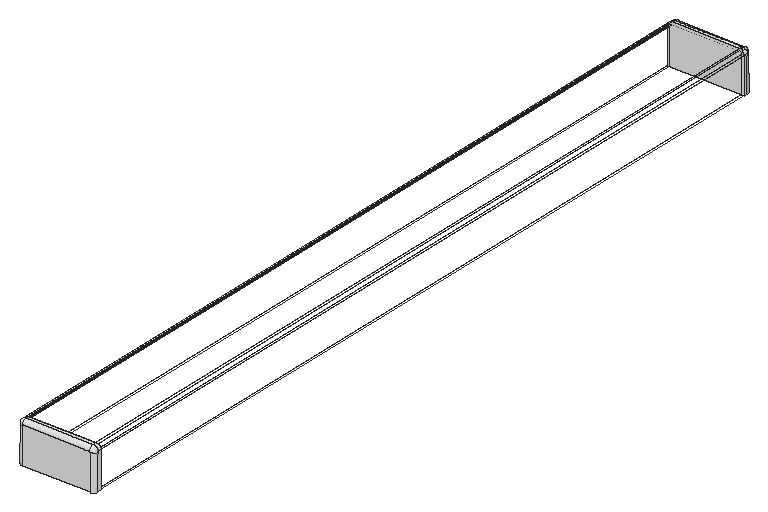
Revit family "Lighting - Alva Lidea Wall Sconce", category Lighting Fixtures, host Face, Revit 2021
Family settings
  Host = Face
  Round Connector Dimension = Use Diameter
  Part Type = Normal
  Cut with Voids When Loaded = No
  Light Source = Yes
  Shared = No
  Room Calculation Point = No
Parameters (values of type "46" Linear Cross White 3000k")
  Wattage Comments = ""
  Wattage = 32.3141 W
  built-in parameter 1150110 = 1 (stored number, unit not read)
  URL = "https://www.alvalight.com/lidea"
  Type Comments = "FULLY SEALED, 120-277V INPUT, 0-10V DIMMING, 10 YEAR LIMITED WARRANTY, 90 CRI"
  built-in parameter 1114217 = 1 (stored number, unit not read)
  built-in parameter 1150109 = 1 (stored number, unit not read)
  built-in parameter 1150134 = (empty or 0)
  built-in parameter 1150113 = 1 (stored number, unit not read)
  Mounting Location = if(Height < 1' 11", 0' 3 1/2", Height / 2)  # 1' - 10 3/4"
  Model = "LIDEA-46-LC-WHT-3000-10V"
  Metal = ALVA Matt White
  Manufacturer = "ALVA LIGHTING"
  built-in parameter 1150105 = 381.97 (stored number, unit not read)
  Lumens = 4800 lm
  built-in parameter 1150115 = 1 (stored number, unit not read)
  Light Source Symbol Size = 1' - 0"
  built-in parameter 1150137 = (empty or 0)
  built-in parameter 1150139 = (empty or 0)
  Lens = ALVA Linear Cross
  built-in parameter 1150112 = 1 (stored number, unit not read)
  built-in parameter 1150114 = 1 (stored number, unit not read)
  Lamp = "LED"
  built-in parameter 1150132 = 2
  built-in parameter 1150102 = (empty or 0)
  built-in parameter 1150107 = 3000 (stored number, unit not read)
  built-in parameter 1150138 = (empty or 0)
  built-in parameter 1150106 = 3.8197 (stored number, unit not read)
  Height = 3' - 9 1/2"
  Emit from Line Length = Height  # 3' - 9 1/2"
  built-in parameter 1150104 = 13.8 (stored number, unit not read)
  Dimming Lamp Color Temperature Shift = <None>
  Description = "FULLY SEALED HEALTHCARE GRADE LAMP SHADE, HIGH PERFORMANCE LED WALL SCONCE"
  Default Elevation = 4' - 0"
  Color Filter = 16777215
  Cap Depth = 0' - 0 27/64"  # constant formula
  built-in parameter 1114218 = 1 (stored number, unit not read)
  built-in parameter 1150133 = 10 (stored number, unit not read)
  Apparent Load = 50.5 VA
Types (7): name | Wattage | Mounting Location | Model | Metal | built-in parameter 1150105 | Lumens | Lens | built-in parameter 1150107 | built-in parameter 1150106 | Height | Emit from Line Length | Apparent Load
  (no name) | 32.3141 W | 1' - 10 3/4" | "LIDEA-46-LC-WHT-3000-10V" | ALVA Matt White | 381.97 (stored number, unit not read) | 4800 lm | ALVA Linear Cross | 3000 (stored number, unit not read) | 3.8197 (stored number, unit not read) | 3' - 9 1/2" | 3' - 9 1/2" | 50.5 VA
  12" Burano Nickel 2700k | 8.2401 W | 0' - 3 1/2" | "LIDEA-12-B-ESN-2700-10V" | ALVA Eviro Satin Nickel | 97.403 (stored number, unit not read) | 1224 lm | ALVA Burano | 2700 (stored number, unit not read) | 0.97403 (stored number, unit not read) | 1' - 0" | 1' - 0" | 24 VA
  12" Island Breeze Bronze 3000k | 8.2401 W | 0' - 3 1/2" | "LIDEA-12-IB-EOB-3000-10V" | ALVA Enviro Oil-Rubbed Bronze | 97.403 (stored number, unit not read) | 1224 lm | ALVA Island Breeze | 3000 (stored number, unit not read) | 0.97403 (stored number, unit not read) | 1' - 0" | 1' - 0" | 24 VA
  12" Gold Shimmer White 3500k | 8.2401 W | 0' - 3 1/2" | "LIDEA-12-GS-WHT-3500-10V" | ALVA Matt White | 97.403 (stored number, unit not read) | 1224 lm | ALVA Gold Shimmer | 3500 (stored number, unit not read) | 0.97403 (stored number, unit not read) | 1' - 0" | 1' - 0" | 24 VA
  24" White Nickel 2700k | 16.1571 W | 0' - 11 1/2" | "LIDEA-12-GS-WHT-2700-10V" | ALVA Eviro Satin Nickel | 190.99 (stored number, unit not read) | 2400 lm | ALVA White Resin | 2700 (stored number, unit not read) | 1.9099 (stored number, unit not read) | 1' - 11" | 1' - 11" | 25.2 VA
  34" Autumn Bronze 2700k | 24.2356 W | 1' - 5" | "LIDEA-34-A-EOB-2700-10V" | ALVA Enviro Oil-Rubbed Bronze | 286.48 (stored number, unit not read) | 3600 lm | ALVA Autumn | 3500 (stored number, unit not read) | 2.8648 (stored number, unit not read) | 2' - 10" | 2' - 10" | 38 VA
  46" Linear Cross White 3000k | 32.3141 W | 1' - 10 3/4" | "LIDEA-46-LC-WHT-3000-10V" | ALVA Matt White | 381.97 (stored number, unit not read) | 4800 lm | ALVA Linear Cross | 3000 (stored number, unit not read) | 3.8197 (stored number, unit not read) | 3' - 9 1/2" | 3' - 9 1/2" | 50.5 VA
Reference planes (in)
  plane 1 "Center (Front/Back)": y = -14.5
  plane 2 "Wall Face": z = 0
  plane 3 "Center (Left/Right)": x = 0
  plane 4 "Top": y = 8.25
  plane 5 "Bottom": y = -37.25
  plane 6 "Center L/S": y = 7.82812
  plane 7 "Center L/T": y = -36.82812
  plane 8 "Front": z = 2.25
Forms (in)
  Sweep 1, solid, material "ALVA Linear Cross" <- "Lens"
    path origin (0, 0, 0) x (1, 0, 0) y (0, 1, 0)
      loop
        line (0, 7.82812) -> (0, -36.82812)
    profile origin (0, -14.5, 0) x (1, 0, 0) y (0, 0, 1)
      loop
        line (1.875, 2.25) -> (-1.875, 2.25)
        arc (-1.875, 2.25) -> (-2.05178, 2.17678) -> (-2.125, 2) r 0.25
        line (-2.125, 2) -> (-2.125, 0) -> (-2, 0) -> (-2, 2)
        arc (-2, 2) -> (-1.96339, 2.08839) -> (-1.875, 2.125) r 0.125
        line (-1.875, 2.125) -> (1.875, 2.125)
        arc (1.875, 2.125) -> (1.96339, 2.08839) -> (2, 2) r 0.125
        line (2, 2) -> (2, 0) -> (2.125, 0) -> (2.125, 2)
        arc (2.125, 2) -> (2.05178, 2.17678) -> (1.875, 2.25) r 0.25
Dimensions and locks (in)
  "Height": plane 4 "Top" to plane 5 "Bottom"
  "Cap Depth": plane 4 "Top" to plane 6 "Center L/S"
  "Cap Depth": plane 5 "Bottom" to plane 7 "Center L/T"
  plane 8 "Front" to host face = 0' - 2 1/4"
  "Mounting Location": plane 5 "Bottom" to plane 1 "Center (Front/Back)"
  equal spacing: plane 5 "Bottom", imposter light, plane 4 "Top"
  aligned and locked: plane 2 "Wall Face" to host face
  aligned and locked: level to host face
  aligned and locked: nested 1 to plane 6 "Center L/S"
  aligned and locked: plane 3 "Center (Left/Right)" to nested 1
  aligned and locked: nested 2 to plane 3 "Center (Left/Right)"
  aligned and locked: nested 2 to plane 7 "Center L/T"
  aligned and locked: plane 6 "Center L/S" to Sweep 1 sketch curve
  aligned and locked: plane 7 "Center L/T" to Sweep 1 sketch curve
  aligned and locked: Sweep 1 sketch curve to plane 3 "Center (Left/Right)"
Automatic sketch dimensions
  host sketch curve to host sketch curve = 8' - 0"  (x2)
  Sweep 1 sketch curve to Sweep 1 sketch curve = 0' - 0"  (x6)
  Sweep 1 sketch curve to level = 0' - 0"  (x2)
  profile plane to Sweep 1 sketch curve = 0' - 2 1/8"
  Sweep 1 sketch curve to profile plane = 0' - 1 7/8"
  Sweep 1 sketch curve to profile plane = 0' - 2"
  level to Sweep 1 sketch curve = 0' - 2"
  Sweep 1 sketch curve to Sweep 1 sketch curve = 0' - 0 1/8"  (x2)
Nested families (in)
  nested 1: "Cap" at (0, 7.82812, 0), Height <- "Cap Depth", type "Cap"
    with Height 0' - 0 27/64"
  nested 2: "Cap" at (0, -36.82812, 0) x (-1, 0, 0) z (0, 0, 1), Height <- "Cap Depth", type "Cap"
    with Height 0' - 0 27/64"
Definition of nested family "Cap"
  Parameters (values of type "Cap")
    Metal = none
    Height [instance] = 0' - 2"
    Default Elevation = 4' - 0"
  Reference planes (in)
    plane 1 "Center (Front/Back)": y = 0
    plane 2: z = 0
    plane 3 "Center (Left/Right)": x = 0
    plane 4: y = 2
  Forms (in)
    Extrusion 1, solid
      sketch origin (0, 0, 0) x (1, 0, 0) y (0, 1, 0)
        loop
          line (-48, 48) -> (-48, -48) -> (48, -48) -> (48, 48) -> (-48, 48)
      from 0 to -12
    Extrusion 2, solid, material <- "Metal"
      sketch origin (0, 0, 0) x (1, 0, 0) y (0, 0, 1)
        loop
          line (2.125, 0) -> (2.125, 1.98438)
          arc (2.125, 1.98438) -> (2.0472, 2.1722) -> (1.85938, 2.25) r 0.26562
          line (1.85938, 2.25) -> (-1.85937, 2.25)
          arc (-1.85937, 2.25) -> (-2.0472, 2.1722) -> (-2.125, 1.98438) r 0.26562
          line (-2.125, 1.98438) -> (-2.125, 0) -> (2.125, 0)
      from -2 to 0
    Sweep 3, void
      path in 3D
        loop
          line (-2.125, 2, 0) -> (-2.125, 2, 1.98438)
          arc (-2.125, 2, 1.98438) -> (-2.0472, 2, 2.1722) -> (-1.85937, 2, 2.25) r 0.26562
          line (-1.85937, 2, 2.25) -> (1.85938, 2, 2.25)
          arc (1.85938, 2, 2.25) -> (2.0472, 2, 2.1722) -> (2.125, 2, 1.98438) r 0.26562
          line (2.125, 2, 1.98438) -> (2.125, 2, 0)
      profile origin (2.125, 2, 0.99219) x (1, 0, 0) y (0, 1, 0)
        loop
          line (0.18742, -0.23906) -> (0.18742, 0.19766) -> (-0.23906, 0.19766) -> (-0.23906, 0)
          arc (-0.23906, 0) -> (-0.07002, -0.07002) -> (0, -0.23906) r 0.23906
          line (0, -0.23906) -> (0.18742, -0.23906)
  Cuts and joins
    Sweep 3 cuts Extrusion 2
  Lines and regions (in)
    sketch lines
      curve 1: line (2.125, 2, 1.98438) -> (2.125, 2, 0)
      curve 2: arc (2.125, 2, 1.98438) -> (2.0472, 2, 2.1722) -> (1.85938, 2, 2.25) r 0.26562
      curve 3: line (-1.85937, 2, 2.25) -> (1.85938, 2, 2.25)
      curve 4: arc (-1.85937, 2, 2.25) -> (-2.0472, 2, 2.1722) -> (-2.125, 2, 1.98438) r 0.26562
      curve 5: line (-2.125, 2, 0) -> (-2.125, 2, 1.98438)
  Dimensions and locks (in)
    "Height": plane 4 to plane 1 "Center (Front/Back)"
    aligned and locked: plane 2 to Extrusion 1
    aligned and locked: level to Extrusion 1
    aligned and locked: plane 4 to Extrusion 2
    aligned and locked: plane 1 "Center (Front/Back)" to Extrusion 2
  Automatic sketch dimensions
    Extrusion 1 sketch curve to Extrusion 1 sketch curve = 8' - 0"  (x2)
    Extrusion 2 sketch curve to level = 0' - 0"
    Extrusion 2 sketch curve to plane 3 "Center (Left/Right)" = 0' - 2 1/8"
    Extrusion 2 sketch curve to Extrusion 2 sketch curve = 0' - 0 17/64"  (x2)
    plane 3 "Center (Left/Right)" to Extrusion 2 sketch curve = 0' - 1 55/64"
    Extrusion 2 sketch curve to Extrusion 2 sketch curve = 0' - 1 63/64"
    profile plane to Sweep 3 sketch curve = 0' - 0"
    Sweep 3 sketch curve to profile plane = 0' - 0"
    Sweep 3 sketch curve to profile plane = 0' - 0.23906"
    profile plane to Sweep 3 sketch curve = 0' - 0.18742"
    Sweep 3 sketch curve to profile plane = 0' - 0.19766"
